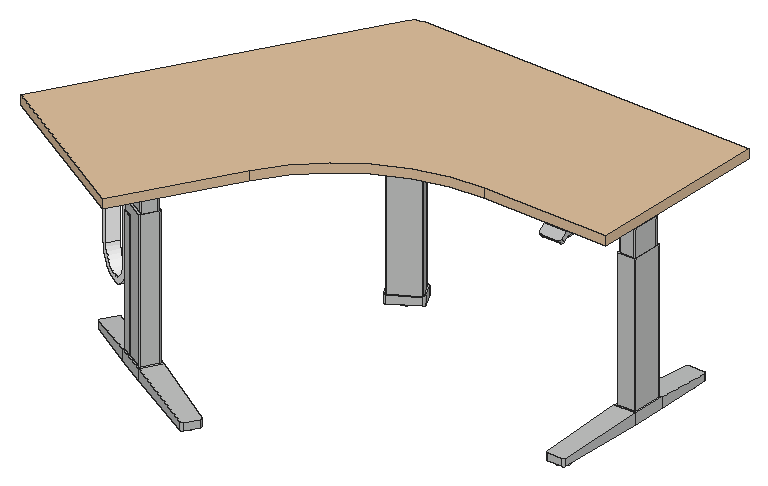
Revit family "Table-Teknion-JNTV-Navigate_Height_Adjustable_120-R2018", category Furniture, Revit 2018 (continued)
Definition of nested family "Table-Teknion-JNTV-Navigate_Height_Adjustable_120-Right2Ds-2018"
  Dimensions and locks (in)
    plane 1 "Center Front/Back" to curve 226 to curve 225 to curve 228 to curve 231 to curve 229 to curve 230 = 2.37959" locked, 0.31496" locked, 0.000" locked, 3.70079" locked, 0.000" locked, 0.31496" locked
    curve 134 to plane 30 to curve 136 = 9.37231" locked, 0.000" locked
    plane 1 "Center Front/Back" to curve 135 to curve 137 = 3.78904" locked, 2.95276" locked
    curve 235 to curve 238 to curve 239 to curve 152 to curve 153 to curve 159 to curve 160 to curve 166 to curve 167 to curve 173 to curve 174 to plane 30 to curve 236 = 1.65354" locked, 1.06299" locked, 0.51181" locked, 1.06299" locked, 0.51181" locked, 1.06299" locked, 0.51181" locked, 1.06299" locked, 1.00394" locked, 0.86614" locked, 0.86759" locked, 0.80564" locked
    plane 1 "Center Front/Back" to curve 138 to curve 232 to curve 237 to curve 151 to curve 158 to curve 165 to curve 172 = 6.604" locked, 0.1378" locked, 0.1378" locked, 0.000" locked, 0.000" locked, 0.000" locked, 0.000" locked
    curve 150 to curve 154 to curve 161 to curve 168 to curve 148 to curve 156 to curve 163 to curve 170 to plane 1 "Center Front/Back" = 0.000" locked, 0.000" locked, 0.000" locked, 0.18898" locked, 0.000" locked, 0.000" locked, 0.000" locked, 6.74179" locked
    curve 147 to curve 149 to curve 155 to curve 157 to curve 162 to curve 164 to curve 169 to curve 171 to plane 30 = 1.050" locked, 0.5248" locked, 1.050" locked, 0.5248" locked, 1.050" locked, 1.0685" locked, 0.750" locked, 0.92566" locked
    plane 1 "Center Front/Back" to curve 140 to curve 142 = 6.74179" locked, 0.18898" locked
    curve 139 to curve 141 to plane 30 = 1.38583" locked, 7.46897" locked
    plane 29 to curve 120 to curve 116 to curve 123 to curve 124 to curve 126 to curve 127 to curve 129 to curve 130 to curve 132 to curve 133 to curve 114 to curve 118 = 0.000" locked, 1.11653" locked, 3.63839" locked, 1.050" locked, 0.20984" locked, 1.050" locked, 0.20984" locked, 1.050" locked, 0.20984" locked, 1.050" locked, 1.27224" locked, 1.11614" locked
    plane 1 "Center Front/Back" to curve 121 to curve 117 to curve 115 to curve 119 to curve 122 to curve 125 to curve 128 to curve 131 = 6.84022" locked, 0.05906" locked, 1.14173" locked, 0.05906" locked, 0.12992" locked, 0.000" locked, 0.000" locked, 0.000" locked
    plane 1 "Center Front/Back" to curve 73 to curve 74 = 2.24967" locked, 4.59055" locked
    locked: plane 25 to curve 72 at 0
    locked: curve 75 to plane 12 at 0.51616
    plane 27 to curve 200 to curve 208 to curve 207 to curve 209 to curve 215 to curve 201 to curve 211 to curve 205 to curve 213 to curve 203 to curve 212 to curve 204 = 7.05252" locked, 0.07087" locked, 0.28976" locked, 0.000" locked, 0.000" locked, 0.000" locked, 1.17323" locked, 0.000" locked, 0.000" locked, 0.000" locked, 0.28976" locked, 0.07087" locked
    curve 202 to curve 214 to curve 215 to curve 213 to curve 201 to curve 203 to curve 209 to curve 211 to curve 207 to curve 205 to curve 210 to curve 206 to plane 6 "Back" = 0.07087" locked, 0.28976" locked, 0.000" locked, 0.000" locked, 0.000" locked, 1.17323" locked, 0.000" locked, 0.000" locked, 0.000" locked, 0.28976" locked, 0.07087" locked, 2.30276" locked
    "Midsupport Inner": plane 3 "Center Left/Right" to curve 70
    curve 188 to curve 196 to curve 197 to curve 187 to curve 195 to curve 189 to plane 27 to curve 199 to curve 185 to curve 193 to curve 191 to curve 192 to curve 184 = 0.07087" locked, 0.28976" locked, 0.000" locked, 0.000" locked, 0.000" locked, 0.58685" locked, 0.58638" locked, 0.000" locked, 0.000" locked, 0.000" locked, 0.28976" locked, 0.07087" locked
    plane 6 "Back" to curve 186 to curve 198 to curve 199 to curve 185 to curve 197 to curve 187 to curve 195 to curve 189 to curve 193 to curve 191 to curve 194 to curve 190 = 2.30276" locked, 0.07087" locked, 0.28976" locked, 0.000" locked, 0.000" locked, 0.000" locked, 1.17323" locked, 0.000" locked, 0.000" locked, 0.000" locked, 0.28976" locked, 0.07087" locked
    plane 6 "Back" to curve 219 to curve 223 to curve 217 to curve 221 = 3.250" locked, 0.000" locked, 0.000" locked, 0.000" locked
    curve 219 to curve 220 to curve 219 to curve 218 to curve 221 to curve 217 to plane 27 to curve 217 to curve 222 to curve 223 to curve 223 to curve 223 = 0.000" locked, 0.1422" locked, 1.70806" locked, 0.000" locked, 0.29194" locked, 0.00023" locked, 0.2917" locked, 0.000" locked, 1.70806" locked, 0.1422" locked, 0.000" locked
    curve 69 to curve 71 to plane 1 "Center Front/Back" = 4.33858" locked, 2.37565" locked
    curve 23 to curve 22 to curve 22 to curve 20 to curve 19 to curve 19 to curve 23 to curve 21 to curve 24 to curve 25 to curve 26 to curve 18 to curve 17 to curve 17 to curve 16 to curve 26 to curve 1 to curve 2 to curve 15 to curve 14 to curve 3 to curve 11 to curve 14 to curve 4 to curve 4 to curve 5 to curve 12 to curve 12 to curve 13 to plane 3 "Center Left/Right" to curve 8 to curve 6 to curve 9 to curve 6 to curve 9 to curve 6 to curve 10 = 0.07205" locked, 0.09843" locked, 0.87761" locked, 0.05764" locked, 0.07874" locked, 0.036" locked, 0.02446" locked, 0.14601" locked, 0.09843" locked, 1.17288" locked, 2.10226" locked, 0.07874" locked, 0.13638" locked, 0.19685" locked, 0.78991" locked, 0.13638" locked, 0.07874" locked, 0.16786" locked, 0.09843" locked, 0.02881" locked, 0.1172" locked, 0.02446" locked, 0.20873" locked, 0.17048" locked, 0.09843" locked, 0.57236" locked, 0.09843" locked, 0.07205" locked, 0.62098" locked, 1.08548" locked, 0.17992" locked, 0.03644" locked, 0.06199" locked, 0.01675" locked, 0.0553" locked, 0.00234" locked
    curve 4 to curve 1 to curve 3 to plane 1 "Center Front/Back" to curve 6 to curve 8 to curve 9 to curve 24 to curve 26 to curve 22 to curve 11 to curve 21 to curve 19 to curve 12 to curve 16 to curve 17 to curve 14 = 0.47448" locked, 0.03399" locked, 0.10845" locked, 0.95788" locked, 0.70532" locked, 0.30676" locked, 3.0251" locked, 0.50669" locked, 1.60723" locked, 0.66265" locked, 0.18499" locked, 0.4197" locked, 0.24295" locked, 1.60723" locked, 0.26221" locked, 0.24447" locked
    curve 41 to curve 40 to curve 40 to curve 42 to curve 42 to curve 42 to curve 39 to curve 38 to curve 38 to curve 36 to curve 36 to curve 37 to plane 3 "Center Left/Right" = 0.12105" locked, 0.16535" locked, 0.77659" locked, 0.2864" locked, 0.16535" locked, 1.81128" locked, 0.16535" locked, 0.2864" locked, 0.77659" locked, 0.16535" locked, 0.12105" locked, 2.36249" locked
    plane 1 "Center Front/Back" to curve 42 to curve 40 to curve 36 to curve 38 = 6.43841" locked, 1.84116" locked, 0.00924" locked, 1.84116" locked
    plane 1 "Center Front/Back" to curve 50 to curve 50 to curve 50 to curve 44 to curve 49 to curve 48 to curve 44 to curve 45 to curve 48 to curve 46 to curve 46 to curve 47 = 6.33612" locked, 0.04323" locked, 0.05906" locked, 1.74811" locked, 0.03399" locked, 0.05906" locked, 0.00924" locked, 0.05906" locked, 0.03399" locked, 1.74811" locked, 0.05906" locked, 0.04323" locked
    curve 48 to curve 50 to curve 46 to curve 44 to plane 3 "Center Left/Right" = 1.06299" locked, 2.14198" locked, 1.06299" locked, 2.64889" locked
    plane 1 "Center Front/Back" to curve 58 to curve 58 to curve 58 to curve 57 to curve 56 to curve 52 to curve 56 to curve 52 to curve 53 to curve 54 to curve 54 to curve 55 = 6.60502" locked, 0.04323" locked, 0.05906" locked, 1.44115" locked, 0.05906" locked, 0.05106" locked, 0.05123" locked, 0.05106" locked, 0.05906" locked, 1.44115" locked, 0.05906" locked, 0.04323" locked
    curve 56 to curve 58 to curve 54 to curve 52 to plane 3 "Center Left/Right" = 0.86614" locked, 1.99788" locked, 0.86614" locked, 2.91779" locked
    plane 1 "Center Front/Back" to curve 66 to curve 66 to curve 66 to curve 65 to curve 64 to curve 64 to curve 60 to curve 60 to curve 61 to curve 62 to curve 62 to curve 63 = 6.87392" locked, 0.04323" locked, 0.05906" locked, 1.10019" locked, 0.05906" locked, 0.10229" locked, 0.09287" locked, 0.10229" locked, 0.05906" locked, 1.10019" locked, 0.05906" locked, 0.04323" locked
    curve 64 to curve 66 to curve 62 to curve 60 to plane 3 "Center Left/Right" = 0.66929" locked, 1.85377" locked, 0.66929" locked, 3.1867" locked
    locked: plane 1 "Center Front/Back" to curve 68 at 8.28469
    locked: curve 67 to plane 3 "Center Left/Right" at 4.78319
    plane 1 "Center Front/Back" to curve 34 to curve 34 to curve 34 to curve 28 to curve 28 to curve 29 to curve 33 to curve 32 to curve 32 to curve 30 to curve 30 to curve 31 = 2.28844" locked, 0.11528" locked, 0.15748" locked, 1.57763" locked, 0.27276" locked, 0.15748" locked, 3.55914" locked, 0.15748" locked, 0.27276" locked, 1.57763" locked, 0.15748" locked, 0.11528" locked
    curve 32 to curve 30 to curve 34 to curve 28 to plane 3 "Center Left/Right" = 3.20498" locked, 0.10006" locked, 3.20498" locked, 0.41039" locked
    plane 1 "Center Front/Back" to curve 244 to curve 243 to curve 245 to curve 243 to curve 246 to curve 241 to curve 247 to curve 242 to curve 247 to curve 240 = 2.57632" locked, 0.14453" locked, 0.000" locked, 0.000" locked, 0.000" locked, 3.64795" locked, 0.000" locked, 0.000" locked, 0.000" locked, 0.14453" locked
    curve 242 to curve 243 to curve 241 to curve 245 to curve 247 to curve 246 to plane 12 = 0.14453" locked, 0.000" locked, 2.07314" locked, 0.000" locked, 0.14453" locked, 0.59097" locked
    curve 264 to curve 269 to curve 274 to curve 276 to curve 268 to curve 267 = 0.47835" locked, 0.04724" locked, 1.40551" locked, 0.04724" locked, 0.47835" locked
    plane 1 "Center Front/Back" to curve 273 to curve 272 to curve 265 to curve 266 to curve 275 to curve 270 to curve 278 to curve 277 to curve 271 = 5.22711" locked, 0.000" locked, 1.33465" locked, 0.000" locked, 0.74134" locked, 0.04724" locked, 0.15114" locked, 6.27287" locked, 0.27165" locked
    curve 250 to curve 252 to curve 251 to curve 249 to curve 249 to curve 255 to curve 255 to curve 253 to curve 253 to curve 254 to plane 12 = 0.11811" locked, 0.000" locked, 0.000" locked, 0.000" locked, 1.72441" locked, 0.000" locked, 0.000" locked, 0.000" locked, 0.11811" locked, 0.7869" locked
    plane 1 "Center Front/Back" to curve 252 to curve 253 to curve 251 to curve 249 to curve 255 to curve 248 = 2.76734" locked, 0.11811" locked, 0.000" locked, 3.31898" locked, 0.000" locked, 0.11811" locked
    curve 258 to curve 257 to curve 259 to curve 257 to curve 260 to curve 263 to curve 261 to curve 263 to curve 261 to curve 262 to plane 12 = 0.11807" locked, 0.000" locked, 0.000" locked, 0.000" locked, 1.39624" locked, 0.000" locked, 0.000" locked, 0.000" locked, 0.11807" locked, 0.95103" locked
    curve 256 to curve 257 to curve 263 to curve 259 to curve 261 to curve 260 to plane 1 "Center Front/Back" = 0.11807" locked, 0.000" locked, 2.97182" locked, 0.000" locked, 0.11807" locked, 2.94097" locked
    aligned and locked: level to plane 2
    aligned and locked: Masking region 1 sketch curve to plane 11
    aligned and locked: Masking region 1 sketch curve to plane 14
    aligned and locked: Masking region 1 sketch curve to plane 13
    aligned and locked: Masking region 1 sketch curve to plane 6 "Back"
    aligned and locked: Masking region 1 sketch curve to plane 5 "Right"
    aligned and locked: Masking region 1 sketch curve to plane 15
    aligned and locked: plane 5 "Right" to Masking region 2 sketch curve
    aligned and locked: Masking region 2 sketch curve to plane 15
    aligned and locked: Masking region 2 sketch curve to plane 14
    aligned and locked: Masking region 2 sketch curve to plane 11
    aligned and locked: Masking region 2 sketch curve to plane 13
    aligned and locked: Masking region 2 sketch curve to plane 6 "Back"
  Automatic sketch dimensions
    Masking region 1 sketch curve to plane 6 "Back" = 1.000"
    Masking region 2 sketch curve to plane 6 "Back" = 1.000"
    Masking region 2 sketch curve to Masking region 2 sketch curve = 1.43701"  (x2)
    Masking region 2 sketch curve to Masking region 2 sketch curve = 2.48897"  (x2)
    curve 217 to curve 221 = 0.000"
    curve 40 to curve 33 = 0.01009"
    curve 49 to curve 48 = 0.10229"
    curve 57 to curve 56 = 0.10229"
    curve 65 to curve 64 = 0.10229"
    curve 49 to curve 50 = 0.10229"
    curve 57 to curve 58 = 0.10229"
    curve 65 to curve 66 = 0.10229"
    curve 63 to curve 62 = 0.05906"
    curve 33 to curve 34 = 0.27276"
    curve 38 to curve 31 = 0.00433"
    curve 55 to curve 54 = 0.05906"
    curve 47 to curve 30 = 0.05551"
    curve 60 to curve 59 = 0.05906"
    curve 52 to curve 51 = 0.05906"
    curve 44 to curve 43 = 0.05906"
    curve 27 to plane 3 "Center Left/Right" = 0.25291"
    curve 238 to curve 144 = 0.0065"
    curve 141 to curve 145 = 0.00039"
    curve 180 to plane 15 = 0.0266"
    curve 180 to curve 106 = 0.41823"
    curve 105 to curve 106 = 0.27498"
    curve 176 to curve 177 = 0.04972"
    curve 177 to curve 178 = 0.04972"
    curve 179 to plane 12 = 0.36506"
    curve 179 to curve 178 = 0.07136"
    curve 175 to curve 176 = 0.07136"
    curve 5 to curve 4 = 0.17048"
    curve 5 to curve 6 = 0.17048"
    curve 35 to curve 43 = 0.18412"  (x2)
    curve 140 to curve 145 = 0.000"
    curve 237 to curve 143 = 0.05118"
    curve 23 to curve 22 = 0.09843"
    curve 41 to curve 32 = 0.01401"
    curve 29 to curve 37 = 0.00174"
    curve 17 to curve 16 = 0.07874"
    curve 220 to curve 189 = 0.07897"
    curve 220 to curve 219 = 0.49985"
    curve 222 to curve 223 = 0.49985"
    curve 186 to curve 218 = 0.07897"
    curve 64 to curve 68 = 0.61086"
    curve 105 to curve 100 = 0.000"
    curve 95 to curve 90 = 0.000"
    curve 112 to curve 91 = 0.07214"
    curve 111 to curve 111 = 0.985"
    curve 104 to curve 109 = 0.000"
    curve 94 to curve 98 = 0.000"
    curve 178 to curve 183 = 0.01963"
    curve 175 to curve 181 = 0.01963"
    curve 104 to curve 109 = 0.02054"
    curve 98 to curve 94 = 0.01329"
    curve 267 to curve 98 = 0.06732"
Definition of nested family "Table-Teknion-JNTV-Navigate_Height_Adjustable_120-Left2Ds-2018"
  Parameters (values of type "29" Depth, Standard - Recessed on Left")
    Width B [instance] = Width A  # 43.000"
    Width A [instance] = 43.000"
    SR Cutout Offset [instance] = if([Square Cut-outs - Right], 4.000", 1.000")  # 1.000"
    SL Cutout Offset [instance] = if([Square Cut-outs - Left], 4.000", 1.000")  # 1.000"
    Left e-Chain Vertical Cable Manager Visibility [instance] = no
    NN or E [instance] = or(No Powerbar, External Powerbar)  # yes
    Midsupport Offset Side B [instance] = if([29 Foot], if(L, 0.974", 3.974"), if(L, 1.551", 4.551"))  # 3.974"
    Midsupport Offset Side A [instance] = if([29 Foot], if(R, 0.974", 3.974"), if(R, 1.551", 4.551"))  # 0.974"
    Midsupport Inner = if([23 Foot], 10.778" + 0.577", 10.778")  # 10.778"
    Internal Power Offset [instance] = if(or(Actual Width = 36.092", Actual Width = 35.515"), 11.297", if(or(Actual Width = 39.092", Actual Width = 38.515"), 12.797", if(or(Actual Width = 42.092", Actual Width = 41.515"), 14.297", if(or(Actual Width = 45.092", Actual Width = 44.515"), 15.797", if(or(Actual Width = 48.092", Actual Width = 47.515"), 17.297", if(or(Actual Width = 51.092", Actual Width = 50.515"), 18.797", 11.297"))))))  # 11.297"
    I or P [instance] = or(Frame Integrated Powerbar, Frame Integrated Powerbar with IEC Outlet)  # no
    Grommet Offset [instance] = if(or(Actual Width = 30.092", Actual Width = 29.515"), 4.814", if(or(Actual Width = 33.092", Actual Width = 32.515"), 14.314", 7.814"))  # 4.814"
    External Powerbar Offset [instance] = if(Actual Width A = 29.515", 6.335", if(Actual Width A = 32.515", 7.835", if(Actual Width A = 30.092", 6.624", if(Actual Width A = 33.092", 8.124", if(Actual Width A = 26.515", 5.124", if(Actual Width A = 27.092", 4.835", 6.335"))))))  # 5.124"
    Desk Edge Width [instance] = Actual Width + 4.799"  # 34.314"
    Description = "Navigate Height-Adjustable Base - 120 , 29\" Depth A, 29\" Depth B, Standard - Recessed on Right"
    DR Cutout Offset [instance] = if([Diamond Cut-outs - Right], 4.000", 1.000")  # 1.000"
    Diamond Cut-outs - Right [instance] = no
    Square Cut-outs - Right [instance] = no
    Square Cut-outs - Left [instance] = no
    No Cut-outs [instance] = not(or([Diamond & Square Cut-outs - Left], [Diamond & Square Cut-outs - Right], [Diamond Cut-outs - Right], [Diamond Cut-outs - Left], [Square Cut-outs - Left], [Square Cut-outs - Right]))  # yes
    DL Cutout Offset [instance] = if([Diamond Cut-outs - Left], 4.000", 1.000")  # 1.000"
    Diamond Cut-outs - Left [instance] = no
    D Right [instance] = or([Diamond & Square Cut-outs - Right], [Diamond Cut-outs - Right])  # no
    D Left [instance] = or([Diamond & Square Cut-outs - Left], [Diamond Cut-outs - Left])  # no
    Cut-Out Style Note [instance] = "Select one of the Worksurface Cutout options below."  # constant formula
    Corner Profile Cut [instance] = if(Curved Corner Detail, 4.000", 1.000")  # 1.000"
    Diamond & Square Cut-outs - Right [instance] = no
    CR Cutout Offset [instance] = if([Diamond & Square Cut-outs - Right], 4.000", 1.000")  # 1.000"
    CL Cutout Offset [instance] = if([Diamond & Square Cut-outs - Left], 4.000", 1.000")  # 1.000"
    Diamond & Square Cut-outs - Left [instance] = no
    Warranty = "http://www.teknion.com/ca/papers/legal-canada"
    Unit Weight URL = "http://www.teknion.com/ca/tools/assets#&asset=bee6a381-b954-425e-8283-5a2de3a804f2,f828d448-4b62-4231-9e5f-9a8991c0ed77"
    URL = "www.teknion.com"
    Sustainability Data = "https://www.teknion.com/ca/tools/assets#&topic=216f99a5-57a0-44fc-b10a-9dee9b29ae4c&asset=444deb64-fe58-4b68-981e-f75e97781df7,b4ff2d81-9f2e-437d-9659-7cffb09c31cf"
    Standard Corner Detail [instance] = not(Curved Corner Detail)  # yes
    Series = "Expansion Cityline"  # constant formula
    S = no
    R = yes
    Product Page URL = "https://www.teknion.com/ca/products/product-details?productlineid=9ad2a26e-8e7a-673b-a6c8-ff05004460c4"
    Product Line = "Expansion Cityline"  # constant formula
    Product Documentation Link 2 = "https://www.teknion.com/pricing/expansion-cityline/pdfs/JNHV_ppg.pdf"
    Product Documentation Link = "https://www.teknion.com/pricing/expansion-cityline/pdfs/JNTV_ppg.pdf"
    Powerbar Notes [instance] = "Select one Powerbar option. Unselecting all options will be show no Powerbar."  # constant formula
    Part Number = "JNTV"  # constant formula
    No Powerbar [instance] = not(or(External Powerbar, Frame Integrated Powerbar, Frame Integrated Powerbar with IEC Outlet))  # yes
    Model = "JNTVN_2929__R_"
    Manufacturer Phone = "416-661-3370"  # constant formula
    Manufacturer Fax = "416.661.4586"  # constant formula
    Manufacturer Contact Information = "http://www.teknion.com/ca/contactus"
    Manufacturer Address = "1150 Flint Road, Toronto, ON. M3J 2J5. Canada"  # constant formula
    Manufacturer = "Teknion"  # constant formula
    L = no
    Frame Integrated Powerbar [instance] = no
    Frame Integrated Powerbar with IEC Outlet [instance] = no
    External Powerbar [instance] = no
    Depth = if([23 Foot], 23.000", 29.000")  # 29.000"
    Curved Corner Detail [instance] = no
    Corner Detail Note [instance] = "Select one of the Corner options below."  # constant formula
    Available Widths [instance] = if(or(Frame Integrated Powerbar, Frame Integrated Powerbar with IEC Outlet), "49, 52, 55, 58, 61,or 64 inches", if(External Powerbar, "43 or 46 inches", "43, 46, 49, 52, 55, 58, 61,or 64 inches"))  # "43, 46, 49, 52, 55, 58, 61,or 64 inches"
    Assembly Code = "E2020200"
    Actual Width B [instance] = if(or(S, R), Actual Width, Actual Width - 3.000")  # 29.515"
    Actual Width A [instance] = if(or(S, L), Actual Width, Actual Width - 3.000")  # 26.515"
    Actual Width [instance] = if(Depth = 23.000", if(or(Frame Integrated Powerbar, Frame Integrated Powerbar with IEC Outlet), if(or(Width A < 49.000", Width A = 49.000"), 36.092", if(Width A = 52.000", 39.092", if(Width A = 55.000", 42.092", if(Width A = 58.000", 45.092", if(Width A = 61.000", 48.092", if(Width A = 64.000", 51.092", if(Width A > 64.000", 51.092", 36.092"))))))), if(External Powerbar, if(or(Width A < 43.000", Width A = 43.000"), 30.092", if(or(Width A > 46.000", Width A = 46.000"), 33.092", 30.092")), if(or(Width A < 43.000", Width A = 43.000"), 30.092", if(Width A = 46.000", 33.092", if(or(Width A < 49.000", Width A = 49.000"), 36.092", if(Width A = 52.000", 39.092", if(Width A = 55.000", 42.092", if(Width A = 58.000", 45.092", if(Width A = 61.000", 48.092", if(Width A = 64.000", 51.092", if(Width A > 64.000", 51.092", 36.092"))))))))))), if(or(Frame Integrated Powerbar, Frame Integrated Powerbar with IEC Outlet), if(or(Width A < 49.000", Width A = 49.000"), 35.515", if(Width A = 52.000", 38.515", if(Width A = 55.000", 41.515", if(Width A = 58.000", 44.515", if(Width A = 61.000", 47.515", if(Width A = 64.000", 50.515", if(Width A > 64.000", 50.515", 35.515"))))))), if(External Powerbar, if(or(Width A < 43.000", Width A = 43.000"), 29.515", if(or(Width A > 46.000", Width A = 46.000"), 32.515", 29.515")), if(or(Width A < 43.000", Width A = 43.000"), 29.515", if(Width A = 46.000", 32.515", if(or(Width A < 49.000", Width A = 49.000"), 35.515", if(Width A = 52.000", 38.515", if(Width A = 55.000", 41.515", if(Width A = 58.000", 44.515", if(Width A = 61.000", 47.515", if(Width A = 64.000", 50.515", if(Width A > 64.000", 50.515", 29.515"))))))))))))  # 29.515"
    Actual Depth B = if([23 Foot], 8.955", 13.955")  # 13.955"
    Actual Depth A = if([23 Foot], 14.045", 15.045")  # 15.045"
    29 Foot = not([23 Foot])  # yes
    23 Foot = no
    E-Chain Notes [instance] = "Select one or none of the Echain options below"  # constant formula
  Types (4): name | Width B | Width A | Midsupport Offset Side B | Midsupport Offset Side A | Midsupport Inner | Grommet Offset | External Powerbar Offset | Desk Edge Width | Description | Corner Profile Cut | Standard Corner Detail | S | R | Model | Depth | Curved Corner Detail | Actual Width B | Actual Width A | Actual Width | Actual Depth B | Actual Depth A | 29 Foot | 23 Foot
    23" Depth, Standard Width Configuration | 46.000" | 46.000" | 4.551" | 4.551" | 11.355" | 14.314" | 8.124" | 37.891" | "Navigate Height-Adjustable Base - 120 , 23\" Depth A, 23\" Depth B, Standard Width Configuration" | 4.000" | no | yes | no | "JNTVN_2323__S_" | 23.000" | yes | 33.092" | 33.092" | 33.092" | 8.955" | 14.045" | no | yes
    29" Depth, Standard Width Configuration | 49.000" | 49.000" | 3.974" | 3.974" | 10.778" | 7.814" | 6.335" | 40.314" | "Navigate Height-Adjustable Base - 120 , 29\" Depth A, 29\" Depth B, Standard Width Configuration" | 1.000" | yes | yes | no | "JNTVN_2929__S_" | 29.000" | no | 35.515" | 35.515" | 35.515" | 13.955" | 15.045" | yes | no
    23" Depth, Standard - Recessed on Left | 43.000" | 43.000" | 4.551" | 1.551" | 11.355" | 4.814" | 4.835" | 34.891" | "Navigate Height-Adjustable Base - 120 , 23\" Depth A, 23\" Depth B, Standard - Recessed on Right Width Configuration" | 1.000" | yes | no | yes | "JNTVN_2323__R_" | 23.000" | no | 30.092" | 27.092" | 30.092" | 8.955" | 14.045" | no | yes
    29" Depth, Standard - Recessed on Left | 43.000" | 43.000" | 3.974" | 0.974" | 10.778" | 4.814" | 5.124" | 34.314" | "Navigate Height-Adjustable Base - 120 , 29\" Depth A, 29\" Depth B, Standard - Recessed on Right" | 1.000" | yes | no | yes | "JNTVN_2929__R_" | 29.000" | no | 29.515" | 26.515" | 29.515" | 13.955" | 15.045" | yes | no
  Reference planes (in)
    plane 1 "Center Front/Back": y = 0
    plane 2: z = 0
    plane 3 "Center Left/Right": x = 0
    plane 4 "Left": x = -40.686
    plane 5 "Right": x = 34.314
    plane 6 "Back": y = 15.045
    plane 7 "Front": y = -54.88507
    plane 8 "Top": z = 29
    plane 9: through (-20.67107, -22.14654, 48) normal (0.5, 0.866, 0)
    plane 10: through (0, 0, 48) normal (-0.5, -0.866, 0)
    plane 11: through (-55.77379, -7.42138, 48) normal (0.5, 0.866, 0)
    plane 12: x = 26.515
    plane 13: through (-27.08762, -16.82713, 48) normal (-0.866, 0.5, 0)
    plane 14: through (-1.74671, -30.93539, 48) normal (-0.866, 0.5, 0)
    plane 15: y = -13.955
    plane 16 "B Side Front/Back": through (0, 0, 48) normal (0.866, -0.5, 0)
    plane 17: z = 0.2315
    plane 18: z = 0.27559
    plane 19: z = 1.65354
    plane 20: z = 19.30906
    plane 21: z = 22.59553
    plane 22: z = 25.88201
    plane 23: z = 27.81102
    plane 24: z = 11.29777
    plane 25: x = 0.974
    plane 26: through (-15.01635, 4.08092, 48) normal (0.5, 0.866, 0)
    plane 27: x = 4.814
    plane 28: through (-15.43635, 3.35345, 48) normal (0.5, 0.866, 0)
    plane 29: x = 5.124
    plane 30: x = 15.218
    plane 31: through (-22.13835, -8.25475, 48) normal (0.5, 0.866, 0)
  Lines and regions (in)
    symbolic lines, detail levels medium+fine
      curve 1: arc (-2.49333, -0.22118, 0) -> (-2.39771, -0.29456, 0) -> (-2.27821, -0.27882, 0) r 0.15748
      curve 2: line (-2.27821, -0.27882, 0) -> (-1.98312, -0.10845, 0)
      curve 3: line (-1.98312, -0.10845, 0) -> (-1.63272, -0.71535, 0)
      curve 4: arc (-1.63272, -0.71535, 0) -> (-1.51319, -0.80707, 0) -> (-1.36382, -0.7874, 0) r 0.19685
      curve 5: line (-1.36382, -0.7874, 0) -> (1.36382, 0.7874, 0)
      curve 6: arc (1.36382, 0.7874, 0) -> (1.45554, 0.90693, 0) -> (1.43587, 1.0563, 0) r 0.19685
      curve 7: line (1.43587, 1.0563, 0) -> (1.08548, 1.6632, 0)
      curve 8: line (1.08548, 1.6632, 0) -> (1.38057, 1.83358, 0)
      curve 9: arc (1.38057, 1.83358, 0) -> (1.45395, 1.9292, 0) -> (1.43822, 2.0487, 0) r 0.15748
      curve 10: line (1.43822, 2.0487, 0) -> (-1.86592, 7.77163, 0)
      curve 11: line (-1.86592, 7.77163, 0) -> (-0.69303, 8.44879, 0)
      curve 12: arc (-0.69303, 8.44879, 0) -> (-0.60132, 8.56832, 0) -> (-0.62098, 8.7177, 0) r 0.19685
      curve 13: line (-0.62098, 8.7177, 0) -> (-1.84145, 10.83162, 0)
      curve 14: arc (-1.84145, 10.83162, 0) -> (-1.96098, 10.92333, 0) -> (-2.11036, 10.90367, 0) r 0.19685
      curve 15: line (-2.11036, 10.90367, 0) -> (-3.28324, 10.2265, 0)
      curve 16: line (-3.28324, 10.2265, 0) -> (-3.48009, 10.56746, 0)
      curve 17: arc (-3.48009, 10.56746, 0) -> (-3.57571, 10.64083, 0) -> (-3.69521, 10.6251, 0) r 0.15748
      curve 18: line (-3.69521, 10.6251, 0) -> (-7.354, 8.5127, 0)
      curve 19: arc (-7.354, 8.5127, 0) -> (-7.42737, 8.41707, 0) -> (-7.41164, 8.29758, 0) r 0.15748
      curve 20: line (-7.41164, 8.29758, 0) -> (-7.21479, 7.95662, 0)
      curve 21: line (-7.21479, 7.95662, 0) -> (-8.38768, 7.27946, 0)
      curve 22: arc (-8.38768, 7.27946, 0) -> (-8.47939, 7.15993, 0) -> (-8.45973, 7.01055, 0) r 0.19685
      curve 23: line (-8.45973, 7.01055, 0) -> (-7.23926, 4.89663, 0)
      curve 24: arc (-7.23926, 4.89663, 0) -> (-7.11973, 4.80492, 0) -> (-6.97035, 4.82458, 0) r 0.19685
      curve 25: line (-6.97035, 4.82458, 0) -> (-5.79747, 5.50175, 0)
      curve 26: line (-5.79747, 5.50175, 0) -> (-2.49333, -0.22118, 0)
      curve 27: line (-3.45788, 2.28844, 0) -> (-0.25291, 4.13883, 0)
      curve 28: arc (-0.25291, 4.13883, 0) -> (-0.10616, 4.33008, 0) -> (-0.13762, 4.56908, 0) r 0.31496
      curve 29: line (-0.13762, 4.56908, 0) -> (-3.44266, 10.29357, 0)
      curve 30: arc (-3.44266, 10.29357, 0) -> (-3.63391, 10.44032, 0) -> (-3.87291, 10.40886, 0) r 0.31496
      curve 31: line (-3.87291, 10.40886, 0) -> (-7.07788, 8.55846, 0)
      curve 32: arc (-7.07788, 8.55846, 0) -> (-7.22463, 8.36722, 0) -> (-7.19317, 8.12822, 0) r 0.31496
      curve 33: line (-7.19317, 8.12822, 0) -> (-3.88813, 2.40372, 0)
      curve 34: arc (-3.88813, 2.40372, 0) -> (-3.69688, 2.25697, 0) -> (-3.45788, 2.28844, 0) r 0.31496
      curve 35: line (-5.68851, 6.152, 0) -> (-2.48354, 8.0024, 0)
      curve 36: arc (-2.48354, 8.0024, 0) -> (-2.32945, 8.20321, 0) -> (-2.36249, 8.45415, 0) r 0.33071
      curve 37: line (-2.36249, 8.45415, 0) -> (-3.42548, 10.29531, 0)
      curve 38: arc (-3.42548, 10.29531, 0) -> (-3.62629, 10.4494, 0) -> (-3.87724, 10.41636, 0) r 0.33071
      curve 39: line (-3.87724, 10.41636, 0) -> (-7.08221, 8.56596, 0)
      curve 40: arc (-7.08221, 8.56596, 0) -> (-7.2363, 8.36516, 0) -> (-7.20326, 8.11421, 0) r 0.33071
      curve 41: line (-7.20326, 8.11421, 0) -> (-6.14027, 6.27305, 0)
      curve 42: arc (-6.14027, 6.27305, 0) -> (-5.93946, 6.11897, 0) -> (-5.68851, 6.152, 0) r 0.33071
      curve 69: line (10.778, 6.71423, 0) -> (-1.25543, 6.71423, 0)
      curve 70: line (10.778, 2.37565, 0) -> (10.778, 6.71423, 0)
      curve 71: line (1.24945, 2.37565, 0) -> (10.778, 2.37565, 0)
      curve 72: line (0.974, 2.24967, 0) -> (0.974, 6.84022, 0)
      curve 73: line (0.974, 2.24967, 0) -> (25.99884, 2.24967, 0)
      curve 74: line (25.99884, 6.84022, 0) -> (0.974, 6.84022, 0)
      curve 75: line (25.99884, 2.24967, 0) -> (25.99884, 6.84022, 0)
      curve 76: line (22.93175, 6.85793, 0) -> (26.04215, 6.85793, 0)
      curve 77: line (26.04215, 6.85793, 0) -> (26.04215, 2.23195, 0)
      curve 78: line (26.04215, 2.23195, 0) -> (22.93175, 2.23195, 0)
      curve 79: line (22.93175, 2.23195, 0) -> (23.51852, -3.49436, 0)
      curve 80: arc (23.51852, -3.49436, 0) -> (23.67227, -3.79758, 0) -> (23.98959, -3.91962, 0) r 0.47353
      curve 81: line (23.98959, -3.91962, 0) -> (25.49628, -3.91962, 0)
      curve 82: arc (25.49628, -3.91962, 0) -> (25.81359, -3.79758, 0) -> (25.96734, -3.49436, 0) r 0.47353
      curve 83: line (25.96734, -3.49436, 0) -> (26.51459, 1.84623, 0)
      curve 84: line (26.51459, 1.84623, 0) -> (26.51459, 7.24365, 0)
      curve 85: line (26.51459, 7.24365, 0) -> (25.96734, 12.58425, 0)
      curve 86: arc (25.96734, 12.58425, 0) -> (25.81359, 12.88747, 0) -> (25.49628, 13.00951, 0) r 0.47353
      curve 87: line (25.49628, 13.00951, 0) -> (23.98959, 13.00951, 0)
      curve 88: arc (23.98959, 13.00951, 0) -> (23.67227, 12.88747, 0) -> (23.51852, 12.58425, 0) r 0.47353
      curve 89: line (23.51852, 12.58425, 0) -> (22.93175, 6.85793, 0)
      curve 114: line (5.03939, 6.604, 0) -> (16.02364, 6.604, 0)
      curve 115: line (9.33073, 6.87959, 0) -> (8.26774, 6.87959, 0)
      curve 116: line (8.26774, 6.87959, 0) -> (8.26774, 6.74179, 0)
      curve 117: line (9.33073, 6.74179, 0) -> (9.33073, 6.87959, 0)
      curve 118: line (10.90553, 6.87959, 0) -> (9.84254, 6.87959, 0)
      curve 119: line (9.84254, 6.87959, 0) -> (9.84254, 6.74179, 0)
      curve 120: line (10.90553, 6.74179, 0) -> (10.90553, 6.87959, 0)
      curve 121: line (12.48033, 6.87959, 0) -> (11.41734, 6.87959, 0)
      curve 122: line (11.41734, 6.87959, 0) -> (11.41734, 6.74179, 0)
      curve 123: line (12.48033, 6.74179, 0) -> (12.48033, 6.87959, 0)
      curve 124: line (14.35041, 6.87959, 0) -> (13.48427, 6.87959, 0)
      curve 125: line (13.48427, 6.87959, 0) -> (13.48427, 6.74179, 0)
      curve 126: line (14.35041, 6.74179, 0) -> (14.35041, 6.87959, 0)
      curve 167: line (18.80215, 6.39534, 0) -> (18.80215, 2.69455, 0)
      curve 168: arc (18.80215, 2.69455, 0) -> (18.89439, 2.47184, 0) -> (19.11711, 2.37959, 0) r 0.31496
      curve 169: line (19.11711, 2.37959, 0) -> (25.64191, 2.37959, 0)
      curve 170: arc (25.64191, 2.37959, 0) -> (25.86462, 2.47184, 0) -> (25.95687, 2.69455, 0) r 0.31496
      curve 171: line (25.95687, 2.69455, 0) -> (25.95687, 6.39534, 0)
      curve 172: arc (25.95687, 6.39534, 0) -> (25.86462, 6.61805, 0) -> (25.64191, 6.7103, 0) r 0.31496
      curve 173: line (25.64191, 6.7103, 0) -> (19.11711, 6.7103, 0)
      curve 174: arc (19.11711, 6.7103, 0) -> (18.89439, 6.61805, 0) -> (18.80215, 6.39534, 0) r 0.31496
      curve 175: line (5.03939, 6.74179, 0) -> (16.02364, 6.74179, 0)
      curve 176: line (26.0386, 2.37959, 0) -> (26.0386, 6.7103, 0)
      curve 177: line (23.28978, 6.69701, 0) -> (23.28978, 2.40013, 0)
      curve 178: line (5.03939, 6.74179, 0) -> (5.03939, 6.604, 0)
      curve 179: line (16.02364, 6.74179, 0) -> (16.02364, 6.604, 0)
      curve 180: line (7.75592, 6.87959, 0) -> (6.69293, 6.87959, 0)
      curve 181: line (6.69293, 6.87959, 0) -> (6.69293, 6.74179, 0)
      curve 182: line (7.75592, 6.74179, 0) -> (7.75592, 6.87959, 0)
      curve 183: line (25.7795, 6.51333, 0) -> (23.70636, 6.51333, 0)
      curve 184: arc (23.70636, 6.51333, 0) -> (23.60416, 6.47099, 0) -> (23.56183, 6.3688, 0) r 0.14453
      curve 185: line (23.56183, 6.3688, 0) -> (23.56183, 2.72085, 0)
      curve 186: arc (23.56183, 2.72085, 0) -> (23.60416, 2.61865, 0) -> (23.70636, 2.57632, 0) r 0.14453
      curve 187: line (23.70636, 2.57632, 0) -> (25.7795, 2.57632, 0)
      curve 188: arc (25.7795, 2.57632, 0) -> (25.8817, 2.61865, 0) -> (25.92403, 2.72085, 0) r 0.14453
      curve 189: line (25.92403, 2.72085, 0) -> (25.92403, 6.3688, 0)
      curve 190: arc (25.92403, 6.3688, 0) -> (25.8817, 6.47099, 0) -> (25.7795, 6.51333, 0) r 0.14453
    symbolic lines, detail levels fine
      curve 43: line (-5.79481, 6.33612, 0) -> (-2.58983, 8.18651, 0)
      curve 44: arc (-2.58983, 8.18651, 0) -> (-2.5348, 8.25823, 0) -> (-2.5466, 8.34785, 0) r 0.11811
      curve 45: line (-2.5466, 8.34785, 0) -> (-3.6096, 10.18901, 0)
      curve 46: arc (-3.6096, 10.18901, 0) -> (-3.68131, 10.24404, 0) -> (-3.77094, 10.23224, 0) r 0.11811
      curve 47: line (-3.77094, 10.23224, 0) -> (-6.97591, 8.38185, 0)
      curve 48: arc (-6.97591, 8.38185, 0) -> (-7.03094, 8.31013, 0) -> (-7.01914, 8.22051, 0) r 0.11811
      curve 49: line (-7.01914, 8.22051, 0) -> (-5.95615, 6.37935, 0)
      curve 50: arc (-5.95615, 6.37935, 0) -> (-5.88444, 6.32432, 0) -> (-5.79481, 6.33612, 0) r 0.11811
      curve 51: line (-5.72276, 6.60502, 0) -> (-2.85874, 8.25857, 0)
      curve 52: arc (-2.85874, 8.25857, 0) -> (-2.80371, 8.33028, 0) -> (-2.81551, 8.41991, 0) r 0.11811
      curve 53: line (-2.81551, 8.41991, 0) -> (-3.68165, 9.92011, 0)
      curve 54: arc (-3.68165, 9.92011, 0) -> (-3.75337, 9.97514, 0) -> (-3.84299, 9.96334, 0) r 0.11811
      curve 55: line (-3.84299, 9.96334, 0) -> (-6.70701, 8.3098, 0)
      curve 56: arc (-6.70701, 8.3098, 0) -> (-6.76204, 8.23808, 0) -> (-6.75024, 8.14845, 0) r 0.11811
      curve 57: line (-6.75024, 8.14845, 0) -> (-5.8841, 6.64825, 0)
      curve 58: arc (-5.8841, 6.64825, 0) -> (-5.81238, 6.59322, 0) -> (-5.72276, 6.60502, 0) r 0.11811
      curve 59: line (-5.65071, 6.87392, 0) -> (-3.12764, 8.33062, 0)
      curve 60: arc (-3.12764, 8.33062, 0) -> (-3.07261, 8.40233, 0) -> (-3.08441, 8.49196, 0) r 0.11811
      curve 61: line (-3.08441, 8.49196, 0) -> (-3.7537, 9.65121, 0)
      curve 62: arc (-3.7537, 9.65121, 0) -> (-3.82542, 9.70624, 0) -> (-3.91504, 9.69444, 0) r 0.11811
      curve 63: line (-3.91504, 9.69444, 0) -> (-6.43811, 8.23774, 0)
      curve 64: arc (-6.43811, 8.23774, 0) -> (-6.49314, 8.16603, 0) -> (-6.48134, 8.0764, 0) r 0.11811
      curve 65: line (-6.48134, 8.0764, 0) -> (-5.81205, 6.91716, 0)
      curve 66: arc (-5.81205, 6.91716, 0) -> (-5.74033, 6.86213, 0) -> (-5.65071, 6.87392, 0) r 0.11811
      curve 67: arc (-3.79819, 8.28469, 0) -> (-4.78319, 9.26969, 0) -> (-5.76819, 8.28469, 0) r 0.985
      curve 68: arc (-5.76819, 8.28469, 0) -> (-4.78319, 7.29969, 0) -> (-3.79819, 8.28469, 0) r 0.985
      curve 110: arc (25.64919, -12.60374, 0) -> (24.66419, -13.58874, 0) -> (23.67919, -12.60374, 0) r 0.985
      curve 111: arc (23.67919, -12.60374, 0) -> (24.66419, -11.61874, 0) -> (25.64919, -12.60374, 0) r 0.985
      curve 112: arc (25.64914, 13.69381, 0) -> (24.66414, 12.70881, 0) -> (23.67914, 13.69381, 0) r 0.985
      curve 113: arc (23.67914, 13.69381, 0) -> (24.66414, 14.67881, 0) -> (25.64914, 13.69381, 0) r 0.985
      curve 191: line (25.60999, 6.32254, 0) -> (23.88558, 6.32254, 0)
      curve 192: arc (23.88558, 6.32254, 0) -> (23.80206, 6.28795, 0) -> (23.76747, 6.20443, 0) r 0.11811
      curve 193: line (23.76747, 6.20443, 0) -> (23.76747, 2.88545, 0)
      curve 194: arc (23.76747, 2.88545, 0) -> (23.80206, 2.80194, 0) -> (23.88558, 2.76734, 0) r 0.11811
      curve 195: line (23.88558, 2.76734, 0) -> (25.60999, 2.76734, 0)
      curve 196: arc (25.60999, 2.76734, 0) -> (25.6935, 2.80194, 0) -> (25.7281, 2.88545, 0) r 0.11811
      curve 197: line (25.7281, 2.88545, 0) -> (25.7281, 6.20443, 0)
      curve 198: arc (25.7281, 6.20443, 0) -> (25.6935, 6.28795, 0) -> (25.60999, 6.32254, 0) r 0.11811
      curve 199: line (25.4459, 6.14892, 0) -> (24.04966, 6.14892, 0)
      curve 200: arc (24.04966, 6.14892, 0) -> (23.96615, 6.11431, 0) -> (23.93159, 6.03078, 0) r 0.11807
      curve 201: line (23.93159, 6.03078, 0) -> (23.93159, 3.0591, 0)
      curve 202: arc (23.93159, 3.0591, 0) -> (23.96615, 2.97557, 0) -> (24.04966, 2.94097, 0) r 0.11807
      curve 203: line (24.04966, 2.94097, 0) -> (25.4459, 2.94097, 0)
      curve 204: arc (25.4459, 2.94097, 0) -> (25.52941, 2.97557, 0) -> (25.56397, 3.0591, 0) r 0.11807
      curve 205: line (25.56397, 3.0591, 0) -> (25.56397, 6.03078, 0)
      curve 206: arc (25.56397, 6.03078, 0) -> (25.52941, 6.11431, 0) -> (25.4459, 6.14892, 0) r 0.11807
    symbolic lines, visible <- "23 Foot", detail levels medium+fine
      curve 90: line (23.47638, 13.77719, 0) -> (23.28978, 6.69701, 0)
      curve 91: arc (23.47638, 13.77719, 0) -> (23.55941, 13.96694, 0) -> (23.75129, 14.04494, 0) r 0.275
      curve 92: line (25.5778, 14.04494, 0) -> (23.75129, 14.04494, 0)
      curve 93: arc (25.5778, 14.04494, 0) -> (25.76967, 13.96694, 0) -> (25.8527, 13.77719, 0) r 0.275
      curve 94: line (26.0386, 6.72359, 0) -> (25.8527, 13.77719, 0)
      curve 100: line (23.28978, 2.40013, 0) -> (23.47883, -8.68475, 0)
      curve 101: arc (23.75379, -8.95506, 0) -> (23.561, -8.87616, 0) -> (23.47883, -8.68475, 0) r 0.275
      curve 102: line (23.75379, -8.95506, 0) -> (25.57529, -8.95506, 0)
      curve 103: arc (25.85025, -8.68475, 0) -> (25.76808, -8.87616, 0) -> (25.57529, -8.95506, 0) r 0.275
      curve 104: line (25.85025, -8.68475, 0) -> (26.0386, 2.35905, 0)
    symbolic lines, visible <- "29 Foot", detail levels medium+fine
      curve 95: line (23.47686, 14.77632, 0) -> (23.28978, 6.7103, 0)
      curve 96: arc (23.47686, 14.77632, 0) -> (23.5596, 14.96664, 0) -> (23.75179, 15.04494, 0) r 0.275
      curve 97: arc (25.5766, 15.04494, 0) -> (25.76879, 14.96664, 0) -> (25.85152, 14.77632, 0) r 0.275
      curve 98: line (26.0386, 6.7103, 0) -> (25.85152, 14.77632, 0)
      curve 99: line (25.5766, 15.04494, 0) -> (23.75179, 15.04494, 0)
      curve 105: line (23.28978, 2.37959, 0) -> (23.47987, -13.68331, 0)
      curve 106: arc (23.75485, -13.95506, 0) -> (23.56155, -13.87566, 0) -> (23.47987, -13.68331, 0) r 0.275
      curve 107: line (23.75485, -13.95506, 0) -> (25.59824, -13.95506, 0)
      curve 108: arc (25.84822, -13.70802, 0) -> (25.77396, -13.88288, 0) -> (25.59824, -13.95506, 0) r 0.25
      curve 109: line (25.84822, -13.70802, 0) -> (26.0386, 2.37959, 0)
    symbolic lines, visible <- "Square Cut-outs - Left", detail levels medium+fine
      curve 127: line (5.76101, 11.20839, 0) -> (5.76101, 12.38161, 0)
      curve 128: arc (5.76101, 12.38161, 0) -> (5.65538, 12.63662, 0) -> (5.40038, 12.74224, 0) r 0.36063
      curve 129: line (5.40038, 12.74224, 0) -> (4.22715, 12.74224, 0)
      curve 130: arc (4.22715, 12.74224, 0) -> (3.97215, 12.63662, 0) -> (3.86652, 12.38161, 0) r 0.36063
      curve 131: line (3.86652, 12.38161, 0) -> (3.86652, 11.20839, 0)
      curve 132: arc (3.86652, 11.20839, 0) -> (3.97215, 10.95338, 0) -> (4.22715, 10.84776, 0) r 0.36063
      curve 133: line (4.22715, 10.84776, 0) -> (5.40038, 10.84776, 0)
      curve 134: arc (5.40038, 10.84776, 0) -> (5.65538, 10.95338, 0) -> (5.76101, 11.20839, 0) r 0.36063
      curve 135: line (5.69014, 12.38161, 0) -> (5.69014, 11.20839, 0)
      curve 136: arc (5.69014, 11.20839, 0) -> (5.60527, 11.00349, 0) -> (5.40038, 10.91862, 0) r 0.28976
      curve 137: line (5.40038, 10.91862, 0) -> (4.22715, 10.91862, 0)
      curve 138: arc (4.22715, 10.91862, 0) -> (4.02226, 11.00349, 0) -> (3.93739, 11.20839, 0) r 0.28976
      curve 139: line (3.93739, 11.20839, 0) -> (3.93739, 12.38161, 0)
      curve 140: arc (3.93739, 12.38161, 0) -> (4.02226, 12.58651, 0) -> (4.22715, 12.67138, 0) r 0.28976
      curve 141: line (4.22715, 12.67138, 0) -> (5.40038, 12.67138, 0)
      curve 142: arc (5.40038, 12.67138, 0) -> (5.60527, 12.58651, 0) -> (5.69014, 12.38161, 0) r 0.28976
    symbolic lines, visible <- "Diamond & Square Cut-outs - Left", detail levels medium+fine
      curve 143: line (11.86652, 12.38161, 0) -> (11.86652, 11.20839, 0)
      curve 144: arc (11.86652, 11.20839, 0) -> (11.97215, 10.95338, 0) -> (12.22715, 10.84776, 0) r 0.36063
      curve 145: line (12.22715, 10.84776, 0) -> (13.40038, 10.84776, 0)
      curve 146: arc (13.40038, 10.84776, 0) -> (13.65538, 10.95338, 0) -> (13.76101, 11.20839, 0) r 0.36063
      curve 147: line (13.76101, 11.20839, 0) -> (13.76101, 12.38161, 0)
      curve 148: arc (13.76101, 12.38161, 0) -> (13.65538, 12.63662, 0) -> (13.40038, 12.74224, 0) r 0.36063
      curve 149: line (13.40038, 12.74224, 0) -> (12.22715, 12.74224, 0)
      curve 150: arc (12.22715, 12.74224, 0) -> (11.97215, 12.63662, 0) -> (11.86652, 12.38161, 0) r 0.36063
      curve 151: line (11.93739, 11.20839, 0) -> (11.93739, 12.38161, 0)
      curve 152: arc (11.93739, 12.38161, 0) -> (12.02226, 12.58651, 0) -> (12.22715, 12.67138, 0) r 0.28976
      curve 153: line (12.22715, 12.67138, 0) -> (13.40038, 12.67138, 0)
      curve 154: arc (13.40038, 12.67138, 0) -> (13.60527, 12.58651, 0) -> (13.69014, 12.38161, 0) r 0.28976
      curve 155: line (13.69014, 12.38161, 0) -> (13.69014, 11.20839, 0)
      curve 156: arc (13.69014, 11.20839, 0) -> (13.60527, 11.00349, 0) -> (13.40038, 10.91862, 0) r 0.28976
      curve 157: line (13.40038, 10.91862, 0) -> (12.22715, 10.91862, 0)
      curve 158: arc (12.22715, 10.91862, 0) -> (12.02226, 11.00349, 0) -> (11.93739, 11.20839, 0) r 0.28976
    symbolic lines, visible <- "D Left", detail levels medium+fine
      curve 159: line (6.95596, 12.29485, 0) -> (5.1057, 12.82121, 0)
      curve 160: arc (5.1057, 12.82121, 0) -> (4.81377, 12.86193, 0) -> (4.52183, 12.82121, 0) r 1.06693
      curve 161: line (4.52183, 12.82121, 0) -> (2.67157, 12.29485, 0)
      curve 162: arc (2.67157, 12.29485, 0) -> (2.29408, 11.795, 0) -> (2.67157, 11.29515, 0) r 0.51969
      curve 163: line (2.67157, 11.29515, 0) -> (4.52183, 10.76879, 0)
      curve 164: arc (4.52183, 10.76879, 0) -> (4.81377, 10.72807, 0) -> (5.1057, 10.76879, 0) r 1.06693
      curve 165: line (5.1057, 10.76879, 0) -> (6.95596, 11.29515, 0)
      curve 166: arc (6.95596, 11.29515, 0) -> (7.33345, 11.795, 0) -> (6.95596, 12.29485, 0) r 0.51969
    symbolic lines, visible <- "Left e-Chain Vertical Cable Manager Visibility", detail levels medium+fine
      curve 207: line (23.51459, 6.56175, 0) -> (23.51459, 5.22711, 0)
      curve 208: line (23.99293, 6.56175, 0) -> (23.51459, 6.56175, 0)
      curve 209: line (25.97128, 6.56175, 0) -> (25.49293, 6.56175, 0)
      curve 210: line (25.97128, 5.22711, 0) -> (25.97128, 6.56175, 0)
      curve 211: line (25.49293, 14.046, 0) -> (25.49293, 6.51333, 0)
      curve 212: line (23.99293, 14.046, 0) -> (23.99293, 6.51333, 0)
      curve 213: line (23.99293, 7.35033, 0) -> (25.49293, 7.35033, 0)
      curve 214: line (25.49293, 14.046, 0) -> (23.99293, 14.046, 0)
    symbolic lines, visible <- "Left e-Chain Vertical Cable Manager Visibility", detail levels fine
      curve 215: line (25.92403, 5.22711, 0) -> (25.97128, 5.22711, 0)
      curve 216: line (23.51459, 5.22711, 0) -> (23.56183, 5.22711, 0)
      curve 217: line (24.04018, 6.51333, 0) -> (24.04018, 7.30309, 0)
      curve 218: line (24.04018, 7.30309, 0) -> (25.44569, 7.30309, 0)
      curve 219: line (25.44569, 7.30309, 0) -> (25.44569, 6.51333, 0)
      curve 220: line (25.49293, 13.77435, 0) -> (23.99293, 13.77435, 0)
      curve 221: line (23.99293, 7.50148, 0) -> (25.49293, 7.50148, 0)
  Dimensions and locks (in)
    plane 4 "Left" to plane 5 "Right" = 75.000"
    plane 6 "Back" to plane 7 "Front" = 69.93007"
    plane 8 "Top" to level = 29.000"
    "Actual Depth B": plane 15 to plane 1 "Center Front/Back"
    "Actual Depth A": plane 16 "B Side Front/Back" to plane 13
    "Actual Depth B": plane 14 to plane 16 "B Side Front/Back"
    "Actual Width A": plane 3 "Center Left/Right" to plane 12
    "Actual Width B": plane 9 to plane 10
    "Actual Depth A": plane 1 "Center Front/Back" to plane 6 "Back"
    "Desk Edge Width": plane 3 "Center Left/Right" to plane 5 "Right"
    "Desk Edge Width": plane 11 to plane 10
    plane 20 to plane 19 to plane 18 to plane 17 to level = 17.65551", 1.37795" locked, 0.04409" locked, 0.2315" locked
    equal spacing: plane 22, plane 21, plane 20
    plane 8 "Top" to plane 23 to plane 22 = 1.18898" locked, 1.92902" locked
    equal spacing: plane 21, plane 24, level
    "Midsupport Offset Side B": plane 26 to plane 10
    "Midsupport Offset Side A": plane 3 "Center Left/Right" to plane 25
    "Grommet Offset": plane 3 "Center Left/Right" to plane 27
    "Grommet Offset": plane 28 to plane 10
    "External Powerbar Offset": plane 3 "Center Left/Right" to plane 29
    "Internal Power Offset": plane 30 to plane 12
    "Internal Power Offset": plane 31 to plane 9
    locked: curve 111 to plane 12 at 1.85081
    locked: plane 15 to curve 111 at 1.35126
    curve 89 to curve 79 to curve 80 to curve 89 to curve 88 to curve 80 to curve 81 to curve 88 to curve 86 to curve 82 to curve 82 to curve 87 to curve 83 to curve 86 to curve 77 to curve 84 to plane 12 = 0.000" locked, 0.58677" locked, 0.000" locked, 0.47106" locked, 0.000" locked, 0.000" locked, 0.000" locked, 1.50669" locked, 0.000" locked, 0.000" locked, 0.000" locked, 0.47106" locked, 0.000" locked, 0.0748" locked, 0.47244" locked, 0.00041" locked
    curve 87 to curve 89 to curve 86 to curve 85 to curve 76 to curve 78 to curve 84 to plane 1 "Center Front/Back" to curve 80 to curve 83 to curve 81 = 0.42526" locked, 0.000" locked, 5.3406" locked, 0.38572" locked, 4.62598" locked, 0.38572" locked, 1.84623" locked, 3.49436" locked, 0.000" locked, 0.42526" locked
    locked: curve 113 to plane 12 at 1.85086
    locked: plane 6 "Back" to curve 113 at 1.35119
    curve 177 to curve 91 to curve 96 to curve 101 to curve 91 to curve 91 to curve 96 to curve 99 to curve 101 to curve 102 to curve 106 to curve 107 to curve 103 to curve 103 to curve 97 to curve 99 to curve 93 to curve 108 to curve 108 to curve 109 to curve 104 to curve 98 to curve 94 to curve 176 to plane 12 = 0.1866" locked, 0.00048" locked, 0.00197" locked, 0.27246" locked, 0.000" locked, 0.0005" locked, 0.000" locked, 0.002" locked, 0.000" locked, 0.00106" locked, 0.000" locked, 1.82044" locked, 0.000" locked, 0.0013" locked, 0.000" locked, 0.0012" locked, 0.02044" locked, 0.000" locked, 0.24998" locked, 0.00204" locked, 0.00127" locked, 0.00118" locked, 0.1859" locked, 0.4764" locked
    curve 107 to curve 109 to curve 106 to curve 102 to curve 101 to curve 104 to plane 1 "Center Front/Back" to curve 176 to curve 177 to curve 177 to curve 176 to curve 91 to curve 94 to curve 92 to curve 96 to curve 98 to curve 99 = 0.24704" locked, 0.0247" locked, 4.72825" locked, 0.27031" locked, 0.000" locked, 8.68475" locked, 2.37959" locked, 0.02054" locked, 4.29688" locked, 0.01329" locked, 7.06689" locked, 0.000" locked, 0.26775" locked, 0.73138" locked, 0.000" locked, 0.26862" locked
    curve 167 to curve 174 to curve 168 to curve 172 to curve 170 to curve 171 to plane 12 = 0.31496" locked, 0.000" locked, 6.5248" locked, 0.000" locked, 0.31496" locked, 0.55813" locked
    plane 1 "Center Front/Back" to curve 169 to curve 168 to curve 171 to curve 174 to curve 172 to curve 173 = 2.37959" locked, 0.31496" locked, 0.000" locked, 3.70079" locked, 0.000" locked, 0.31496" locked
    curve 178 to curve 181 to curve 182 to curve 116 to curve 117 to curve 119 to curve 120 to curve 122 to curve 123 to curve 125 to curve 126 to plane 30 to curve 179 = 1.65354" locked, 1.06299" locked, 0.51181" locked, 1.06299" locked, 0.51181" locked, 1.06299" locked, 0.51181" locked, 1.06299" locked, 1.00394" locked, 0.86614" locked, 0.86759" locked, 0.80564" locked
    plane 1 "Center Front/Back" to curve 114 to curve 175 to curve 180 to curve 115 to curve 118 to curve 121 to curve 124 = 6.604" locked, 0.1378" locked, 0.1378" locked, 0.000" locked, 0.000" locked, 0.000" locked, 0.000" locked
    plane 1 "Center Front/Back" to curve 73 to curve 74 = 2.24967" locked, 4.59055" locked
    locked: plane 25 to curve 72 at 0
    locked: curve 75 to plane 12 at 0.51616
    plane 27 to curve 143 to curve 151 to curve 150 to curve 152 to curve 158 to curve 144 to curve 154 to curve 148 to curve 156 to curve 146 to curve 155 to curve 147 = 7.05252" locked, 0.07087" locked, 0.28976" locked, 0.000" locked, 0.000" locked, 0.000" locked, 1.17323" locked, 0.000" locked, 0.000" locked, 0.000" locked, 0.28976" locked, 0.07087" locked
    curve 145 to curve 157 to curve 158 to curve 156 to curve 144 to curve 146 to curve 152 to curve 154 to curve 150 to curve 148 to curve 153 to curve 149 to plane 6 "Back" = 0.07087" locked, 0.28976" locked, 0.000" locked, 0.000" locked, 0.000" locked, 1.17323" locked, 0.000" locked, 0.000" locked, 0.000" locked, 0.28976" locked, 0.07087" locked, 2.30276" locked
    "Midsupport Inner": plane 3 "Center Left/Right" to curve 70
    curve 131 to curve 139 to curve 140 to curve 130 to curve 138 to curve 132 to plane 27 to curve 142 to curve 128 to curve 136 to curve 134 to curve 135 to curve 127 = 0.07087" locked, 0.28976" locked, 0.000" locked, 0.000" locked, 0.000" locked, 0.58685" locked, 0.58638" locked, 0.000" locked, 0.000" locked, 0.000" locked, 0.28976" locked, 0.07087" locked
    plane 6 "Back" to curve 129 to curve 141 to curve 142 to curve 128 to curve 140 to curve 130 to curve 138 to curve 132 to curve 136 to curve 134 to curve 137 to curve 133 = 2.30276" locked, 0.07087" locked, 0.28976" locked, 0.000" locked, 0.000" locked, 0.000" locked, 1.17323" locked, 0.000" locked, 0.000" locked, 0.000" locked, 0.28976" locked, 0.07087" locked
    plane 6 "Back" to curve 162 to curve 166 to curve 160 to curve 164 = 3.250" locked, 0.000" locked, 0.000" locked, 0.000" locked
    curve 162 to curve 163 to curve 162 to curve 161 to curve 164 to curve 160 to plane 27 to curve 160 to curve 165 to curve 166 to curve 166 to curve 166 = 0.000" locked, 0.1422" locked, 1.70806" locked, 0.000" locked, 0.29194" locked, 0.00023" locked, 0.2917" locked, 0.000" locked, 1.70806" locked, 0.1422" locked, 0.000" locked
    curve 69 to curve 71 to plane 1 "Center Front/Back" = 4.33858" locked, 2.37565" locked
    curve 23 to curve 22 to curve 22 to curve 20 to curve 19 to curve 19 to curve 23 to curve 21 to curve 24 to curve 25 to curve 26 to curve 18 to curve 17 to curve 17 to curve 16 to curve 26 to curve 1 to curve 2 to curve 15 to curve 14 to curve 3 to curve 11 to curve 14 to curve 4 to curve 4 to curve 5 to curve 12 to curve 12 to curve 13 to plane 3 "Center Left/Right" to curve 8 to curve 6 to curve 9 to curve 6 to curve 9 to curve 6 to curve 10 = 0.07205" locked, 0.09843" locked, 0.87761" locked, 0.05764" locked, 0.07874" locked, 0.036" locked, 0.02446" locked, 0.14601" locked, 0.09843" locked, 1.17288" locked, 2.10226" locked, 0.07874" locked, 0.13638" locked, 0.19685" locked, 0.78991" locked, 0.13638" locked, 0.07874" locked, 0.16786" locked, 0.09843" locked, 0.02881" locked, 0.1172" locked, 0.02446" locked, 0.20873" locked, 0.17048" locked, 0.09843" locked, 0.57236" locked, 0.09843" locked, 0.07205" locked, 0.62098" locked, 1.08548" locked, 0.17992" locked, 0.03644" locked, 0.06199" locked, 0.01675" locked, 0.0553" locked, 0.00234" locked
    curve 4 to curve 1 to curve 3 to plane 1 "Center Front/Back" to curve 6 to curve 8 to curve 9 to curve 24 to curve 26 to curve 22 to curve 11 to curve 21 to curve 19 to curve 12 to curve 16 to curve 17 to curve 14 = 0.47448" locked, 0.03399" locked, 0.10845" locked, 0.95788" locked, 0.70532" locked, 0.30676" locked, 3.0251" locked, 0.50669" locked, 1.60723" locked, 0.66265" locked, 0.18499" locked, 0.4197" locked, 0.24295" locked, 1.60723" locked, 0.26221" locked, 0.24447" locked
    curve 41 to curve 40 to curve 40 to curve 42 to curve 42 to curve 42 to curve 39 to curve 38 to curve 38 to curve 36 to curve 36 to curve 37 to plane 3 "Center Left/Right" = 0.12105" locked, 0.16535" locked, 0.77659" locked, 0.2864" locked, 0.16535" locked, 1.81128" locked, 0.16535" locked, 0.2864" locked, 0.77659" locked, 0.16535" locked, 0.12105" locked, 2.36249" locked
    plane 1 "Center Front/Back" to curve 42 to curve 40 to curve 36 to curve 38 = 6.43841" locked, 1.84116" locked, 0.00924" locked, 1.84116" locked
    plane 1 "Center Front/Back" to curve 50 to curve 50 to curve 50 to curve 44 to curve 49 to curve 48 to curve 44 to curve 45 to curve 48 to curve 46 to curve 46 to curve 47 = 6.33612" locked, 0.04323" locked, 0.05906" locked, 1.74811" locked, 0.03399" locked, 0.05906" locked, 0.00924" locked, 0.05906" locked, 0.03399" locked, 1.74811" locked, 0.05906" locked, 0.04323" locked
    curve 48 to curve 50 to curve 46 to curve 44 to plane 3 "Center Left/Right" = 1.06299" locked, 2.14198" locked, 1.06299" locked, 2.64889" locked
    plane 1 "Center Front/Back" to curve 58 to curve 58 to curve 58 to curve 57 to curve 56 to curve 52 to curve 56 to curve 52 to curve 53 to curve 54 to curve 54 to curve 55 = 6.60502" locked, 0.04323" locked, 0.05906" locked, 1.44115" locked, 0.05906" locked, 0.05106" locked, 0.05123" locked, 0.05106" locked, 0.05906" locked, 1.44115" locked, 0.05906" locked, 0.04323" locked
    curve 56 to curve 58 to curve 54 to curve 52 to plane 3 "Center Left/Right" = 0.86614" locked, 1.99788" locked, 0.86614" locked, 2.91779" locked
    plane 1 "Center Front/Back" to curve 66 to curve 66 to curve 66 to curve 65 to curve 64 to curve 64 to curve 60 to curve 60 to curve 61 to curve 62 to curve 62 to curve 63 = 6.87392" locked, 0.04323" locked, 0.05906" locked, 1.10019" locked, 0.05906" locked, 0.10229" locked, 0.09287" locked, 0.10229" locked, 0.05906" locked, 1.10019" locked, 0.05906" locked, 0.04323" locked
    curve 64 to curve 66 to curve 62 to curve 60 to plane 3 "Center Left/Right" = 0.66929" locked, 1.85377" locked, 0.66929" locked, 3.1867" locked
    locked: plane 1 "Center Front/Back" to curve 68 at 8.28469
    locked: curve 67 to plane 3 "Center Left/Right" at 4.78319
    plane 1 "Center Front/Back" to curve 34 to curve 34 to curve 34 to curve 28 to curve 28 to curve 29 to curve 33 to curve 32 to curve 32 to curve 30 to curve 30 to curve 31 = 2.28844" locked, 0.11528" locked, 0.15748" locked, 1.57763" locked, 0.27276" locked, 0.15748" locked, 3.55914" locked, 0.15748" locked, 0.27276" locked, 1.57763" locked, 0.15748" locked, 0.11528" locked
    curve 32 to curve 30 to curve 34 to curve 28 to plane 3 "Center Left/Right" = 3.20498" locked, 0.10006" locked, 3.20498" locked, 0.41039" locked
    plane 1 "Center Front/Back" to curve 187 to curve 186 to curve 188 to curve 186 to curve 189 to curve 184 to curve 190 to curve 185 to curve 190 to curve 183 = 2.57632" locked, 0.14453" locked, 0.000" locked, 0.000" locked, 0.000" locked, 3.64795" locked, 0.000" locked, 0.000" locked, 0.000" locked, 0.14453" locked
    curve 185 to curve 186 to curve 184 to curve 188 to curve 190 to curve 189 to plane 12 = 0.14453" locked, 0.000" locked, 2.07314" locked, 0.000" locked, 0.14453" locked, 0.59097" locked
    curve 207 to curve 212 to curve 217 to curve 219 to curve 211 to curve 210 = 0.47835" locked, 0.04724" locked, 1.40551" locked, 0.04724" locked, 0.47835" locked
    plane 1 "Center Front/Back" to curve 216 to curve 215 to curve 208 to curve 209 to curve 218 to curve 213 to curve 221 to curve 220 to curve 214 = 5.22711" locked, 0.000" locked, 1.33465" locked, 0.000" locked, 0.74134" locked, 0.04724" locked, 0.15114" locked, 6.27287" locked, 0.27165" locked
    curve 193 to curve 195 to curve 194 to curve 192 to curve 192 to curve 198 to curve 198 to curve 196 to curve 196 to curve 197 to plane 12 = 0.11811" locked, 0.000" locked, 0.000" locked, 0.000" locked, 1.72441" locked, 0.000" locked, 0.000" locked, 0.000" locked, 0.11811" locked, 0.7869" locked
    plane 1 "Center Front/Back" to curve 195 to curve 196 to curve 194 to curve 192 to curve 198 to curve 191 = 2.76734" locked, 0.11811" locked, 0.000" locked, 3.31898" locked, 0.000" locked, 0.11811" locked
    curve 201 to curve 200 to curve 202 to curve 200 to curve 203 to curve 206 to curve 204 to curve 206 to curve 204 to curve 205 to plane 12 = 0.11807" locked, 0.000" locked, 0.000" locked, 0.000" locked, 1.39624" locked, 0.000" locked, 0.000" locked, 0.000" locked, 0.11807" locked, 0.95103" locked
    curve 199 to curve 200 to curve 206 to curve 202 to curve 204 to curve 203 to plane 1 "Center Front/Back" = 0.11807" locked, 0.000" locked, 2.97182" locked, 0.000" locked, 0.11807" locked, 2.94097" locked
    aligned and locked: level to plane 2
  Automatic sketch dimensions
    curve 160 to curve 164 = 0.000"
    curve 40 to curve 33 = 0.01009"
    curve 49 to curve 48 = 0.10229"
    curve 57 to curve 56 = 0.10229"
    curve 65 to curve 64 = 0.10229"
    curve 49 to curve 50 = 0.10229"
    curve 57 to curve 58 = 0.10229"
    curve 65 to curve 66 = 0.10229"
    curve 63 to curve 62 = 0.05906"
    curve 33 to curve 34 = 0.27276"
    curve 38 to curve 31 = 0.00433"
    curve 55 to curve 54 = 0.05906"
    curve 47 to curve 30 = 0.05551"
    curve 60 to curve 59 = 0.05906"
    curve 52 to curve 51 = 0.05906"
    curve 44 to curve 43 = 0.05906"
    curve 27 to plane 3 "Center Left/Right" = 0.25291"
    curve 105 to curve 106 = 0.27498"
